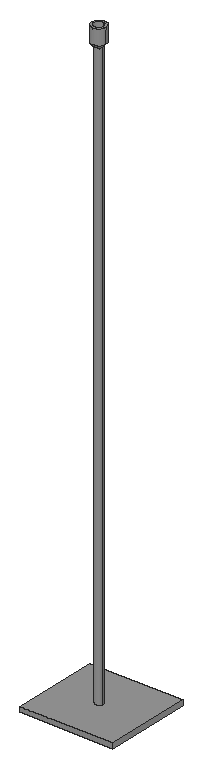
Revit family "Anchors", category Mechanical Equipment, Revit 2024
Family settings
  Round Connector Dimension = Use Diameter
  Classification = None
  Part Type = Normal
  Work Plane-Based = Yes
  Always vertical = No
  Cut with Voids When Loaded = Yes
  Maintain Annotation Orientation = No
  Shared = Yes
  Room Calculation Point = No
Parameters
  Default Elevation = 1219.2 mm
Reference planes
  plane 1 "Center (Front/Back)": y = 0
  plane 2: z = 0
  plane 3 "Center (Left/Right)": x = 0
Forms (mm)
  Extrusion 1, solid, material "Stainless Steel, Brushed"
    sketch origin (0, 0, 0) x (1, 0, 0) y (0, 1, 0)
      loop
        circle (0, 0) r 16
    from -111.538 to 2450
  Extrusion 2, solid, material "Metal, Sheeting Rails"
    sketch origin (0, 0, 0) x (1, 0, 0) y (0, 1, 0)
      loop
        line (0, 180) -> (-180, 180) -> (-180, -180) -> (200, -180) -> (200, 180) -> (0, 180)
    from 0 to -20
  Extrusion 3, solid, material "Stainless Steel, Brushed"
    sketch origin (0, 0, 0) x (1, 0, 0) y (0, 1, 0)
      loop
        line (24.749, -24.749) -> (33.807, 9.059) -> (9.059, 33.807) -> (-24.749, 24.749) -> (-33.807, -9.059) -> (-9.059, -33.807) -> (24.749, -24.749)
    from -20 to -45
  Extrusion 4, solid, material "Stainless Steel, Brushed"
    sketch origin (0, 0, 0) x (1, 0, 0) y (0, 1, 0)
      loop
        line (24.749, 24.749) -> (-9.059, 33.807) -> (-33.807, 9.059) -> (-24.749, -24.749) -> (9.059, -33.807) -> (33.807, -9.059) -> (24.749, 24.749)
    from -45 to -70
  Revolve 5, solid, material "Stainless Steel, Brushed"
    sketch origin (0, 0, 0) x (1, 0, 0) y (0, 0, 1)
      loop
        line (0, 2489.862) -> (-30, 2489.862) -> (-30, 2429.862) -> (0, 2399.862) -> (0, 2489.862)
      axis (0, 2489.862) -> (0, 2399.862)
    angle from 0 to 360
  Extrusion 6, void
    sketch origin (0, 0, 2489.862) x (-1, 0, 0) y (0, 1, 0)
      loop
        circle (0, 0) r 20
    from 0 to 25.532
Cuts and joins
  Extrusion 6 cuts Extrusion 1
  Extrusion 6 cuts Revolve 5
Dimensions and locks
  aligned and locked: level to plane 2
